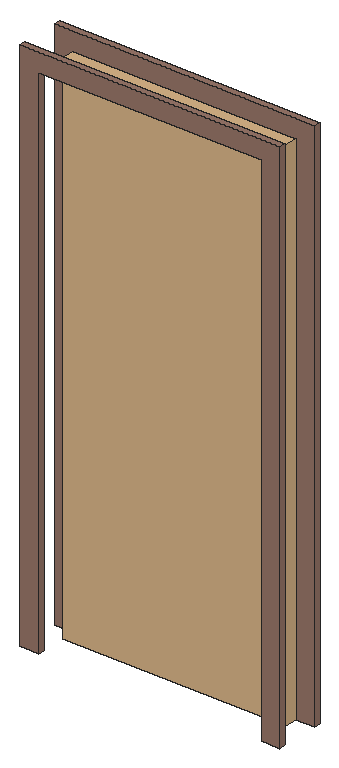
Revit family "Single-Flush", category Doors, host Wall, Revit 2020
Family settings
  Host = Wall
  OmniClass Number = 23.30.10.00
  OmniClass Title = Doors
  Always vertical = Yes
  Cut with Voids When Loaded = Yes
  Shared = Yes
  Room Calculation Point = Yes
Parameters (values of type "36" x 84"")
  Visual Light Transmittance = 0
  Thickness = 0' - 2"
  Thermal Resistance (R) = 1.5338 (h·ft²·°F)/BTU
  Solar Heat Gain Coefficient = 0
  Rough Height [instance] = 0' - 3"
  Define Thermal Properties by = Schematic Type
  Construction Type Id = "MDOOR"
  Heat Transfer Coefficient (U) = 0.6520 BTU/(h·ft²·°F)
  Function = Interior
  Assembly Code = "C1020"
  Door Material = Door - Panel
  Frame Material = Door - Frame
  Height [instance] = 7' - 0"
  Trim Projection Ext = 0' - 1"
  Trim Projection Int = 0' - 1"
  Trim Width = 0' - 3"
  Wall Closure = By host
  Width [instance] = 3' - 0"
  Analytic Construction = "Metal"
Types (7): name | Height | Width
  36" x 84" | 7' - 0" | 3' - 0"
  34" x 84" | 7' - 0" | 2' - 10"
  32" x 84" | 7' - 0" | 2' - 8"
  30" x 84" | 7' - 0" | 2' - 6"
  30" x 80" | 6' - 8" | 2' - 6"
  36" x 80" | 6' - 8" | 3' - 0"
  34" x 80" | 6' - 8" | 2' - 10"
Reference planes (in)
  plane 1: y = 0
  plane 2: z = 0
  plane 3: x = 0
  plane 4: x = -18
  plane 5: x = 18
  plane 6: z = 84
Forms (in)
  Extrusion 1, solid, material "Door - Panel" <- "Door Material"
    sketch origin (0, 0, 0) x (1, 0, 0) y (0, 0, 1)
      loop
        line (-18, 84) -> (-18, 0) -> (18, 0) -> (18, 84) -> (-18, 84)
    from -3 to -1
  Extrusion 2, solid, material "Door - Frame" <- "Frame Material"
    sketch origin (-60, -3, 0) x (1, 0, 0) y (0, 0, 1)
      loop
        line (39, 87) -> (39, 0) -> (42, 0) -> (42, 84) -> (78, 84) -> (78, 0) -> (81, 0) -> (81, 87) -> (39, 87)
    from 0 to 1
  Extrusion 3, solid, material "Door - Frame" <- "Frame Material"
    sketch origin (-60, 3, 0) x (-1, 0, 0) y (0, 0, 1)
      loop
        line (-81, 87) -> (-81, 0) -> (-78, 0) -> (-78, 84) -> (-42, 84) -> (-42, 0) -> (-39, 0) -> (-39, 87) -> (-81, 87)
    from 0 to 1
Lines and regions (in)
  Opening 1
    outline origin (-60, -3, 144) x (0, 0, -1) y (1, 0, 0)
      loop
        line (60, 42) -> (144, 42) -> (144, 78) -> (60, 78) -> (60, 42)
  symbolic lines, style "DoorsPanelProjection"
    curve 1: line (18, 3, 0) -> (16, 3, 0)
    curve 2: line (18, 3, 0) -> (18, 39.0111, 0)
    curve 3: line (18, 39.0111, 0) -> (16, 39.0111, 0)
    curve 4: line (16, 3, 0) -> (16, 39.0111, 0)
  model lines, style "DoorsFrameMullionProjection"
    curve 5: line (-21, -3, 0) -> (-21, -3, 87)
    curve 6: line (-21, -3, 87) -> (21, -3, 87)
    curve 7: line (21, -3, 87) -> (21, -3, 0)
    curve 8: line (21, 3, 0) -> (21, 3, 87)
    curve 9: line (-21, 3, 87) -> (21, 3, 87)
    curve 10: line (-21, 3, 87) -> (-21, 3, 0)
  symbolic lines, style "Plan Swing"
    curve 11: arc (16, 39.0111, 0) -> (-8.2005, 27.78574, 0) -> (-18.06659, 3, 0) r 36.06659
  symbolic lines, style "Elevation Swing"
    curve 12: line (-18, 0, 84) -> (18, 0, 42)
    curve 13: line (-18, 0, 0) -> (18, 0, 42)
Dimensions and locks (in)
  equal spacing: plane 4, plane 3, plane 5
  "Width": plane 4 to plane 5
  locked: host wall to curve 1
  control icon elem to plane 5 = 0' - 10.29952"
  "Height": plane 6 to plane 2
  "Trim Width": plane 4 to curve 5
  "Rough Height": plane 5 to curve 7
  "Trim Width": plane 6 to curve 6
  locked: curve 9 to host wall
  "Trim Projection Ext": Extrusion 3 to host wall
  "Trim Projection Int": Extrusion 2 to host wall
  "Thickness": curve 4 to plane 5
  "Thickness": Extrusion 1 to host wall
  equal spacing: plane 6, curve 13, level
  aligned and locked: host wall to Extrusion 1
  aligned and locked: curve 6 to Extrusion 2 sketch curve
  aligned and locked: Extrusion 2 sketch curve to curve 5
  aligned and locked: Extrusion 2 sketch curve to curve 7
  aligned and locked: Extrusion 2 to Extrusion 3 sketch curve
  aligned and locked: Extrusion 3 sketch curve to Extrusion 2  (x2)
Automatic sketch dimensions
  Opening 1 sketch curve to plane 6 = 0' - 0"
  Opening 1 sketch curve to level = 0' - 0"
  Opening 1 sketch curve to plane 4 = 0' - 0"
  Opening 1 sketch curve to plane 5 = 0' - 0"
  Extrusion 1 sketch curve to plane 4 = 0' - 0"
  Extrusion 1 sketch curve to plane 5 = 0' - 0"
  Extrusion 1 sketch curve to level = 0' - 0"
  Extrusion 1 sketch curve to plane 6 = 0' - 0"
  Extrusion 2 sketch curve to level = 0' - 0"  (x2)
  Extrusion 2 sketch curve to plane 4 = 0' - 0"
  Extrusion 2 sketch curve to plane 5 = 0' - 0"
  Extrusion 2 sketch curve to plane 6 = 0' - 0"
  Extrusion 3 sketch curve to level = 0' - 0"  (x2)
  Extrusion 3 sketch curve to plane 5 = 0' - 0"
  Extrusion 3 sketch curve to plane 4 = 0' - 0"
  Extrusion 3 sketch curve to plane 6 = 0' - 0"
  curve 1 to plane 5 = 0' - 0"
  curve 11 to plane 5 = 0' - 0"
  plane 4 to curve 11 = 0' - 0.06659"
  curve 11 to host wall = 0' - 0"
  plane 4 to curve 12 = 0' - 0"
  curve 12 to plane 6 = 0' - 0"
  curve 8 to level = 0' - 0"
  curve 7 to level = 0' - 0"
  curve 13 to level = 0' - 0"
  curve 5 to level = 0' - 0"
  curve 10 to level = 0' - 0"
  plane 4 to curve 13 = 0' - 0"
  plane 5 to curve 12 = 0' - 0"
  curve 9 to curve 5 = 0' - 0"
  curve 10 to curve 5 = 0' - 0"
  curve 8 to curve 6 = 0' - 0"
